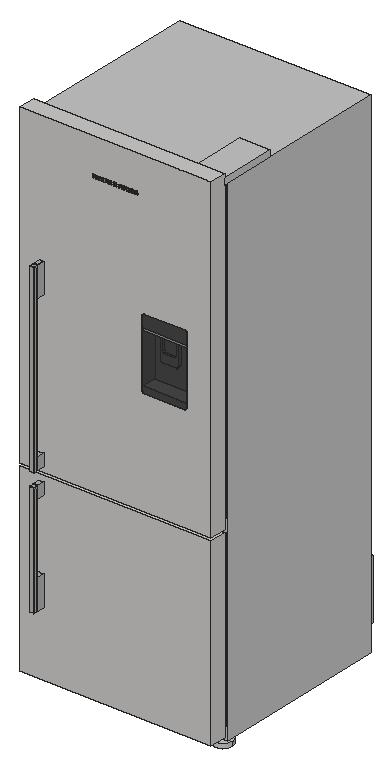
Revit family "FP-Revit18-E402BRXFDU4-Fridges", category Specialty Equipment, Revit 2018
Family settings
  Round Connector Dimension = Use Diameter
  Part Type = Normal
  OmniClass Number = 23.40.40.11.11.17
  OmniClass Title = Refrigerator-Freezer
  Work Plane-Based = No
  Always vertical = Yes
  Cut with Voids When Loaded = Yes
  Shared = No
  Room Calculation Point = No
Parameters (values of type "E402BRXFDU4")
  Visibility - Clearance Required = yes
  URL = "www.fisherpaykel.com"
  Product - Width = 635 mm  # constant formula
  Product - Height = 1720 mm  # constant formula
  Product - Depth = 736 mm  # constant formula
  Model = "E402BRXFDU4"
  Material - Logo = Fisher & Paykel - Steel, Chrome Plated
  Material - Handle = Fisher & Paykel - Aluminium
  Material - Door Structure = Fisher & Paykel - White
  Material - Door Front = Fisher & Paykel - Stainless Steel
  Material - Body = Fisher & Paykel - Grey
  Manufacturer = "Fisher & Paykel Appliances"
  Description = "63.5cm Freestanding Refrigerator with Bottom Freezer, Ice & Water"
  Connector Description - Water = "Ø6mm (1/4”) quick connect, Max Supply Pressure 120psi (827kPa)"
  Connector Description - Electrical = "230 V, 50Hz"
  Chassis - Width = 635 mm  # constant formula
  Chassis - Height = 1664 mm  # constant formula
  Chassis - Depth = 625 mm  # constant formula
  Cavity - Width = 675 mm  # constant formula
  Cavity - Height = 1735 mm  # constant formula
  Cavity - Depth = 625 mm  # constant formula
Reference planes
  plane 1 "Center (Front/Back)": y = 0
  plane 2: z = 0
  plane 3 "Center (Left/Right)": x = 0
  plane 4 "Product LHS": x = -317.5
  plane 5 "Product RHS": x = 317.5
  plane 6 "Product - Depth": y = 625
  plane 7 "Cavity LHS": x = -337.5
  plane 8 "Cavity RHS": x = 337.5
  plane 9 "Cavity - Depth": y = 625
  plane 10 "Cavity Height": z = 1735
  plane 11 "Door Panel Front": y = -70
  plane 12 "Product - Height": z = 1720
Forms (mm)
  Extrusion 1, solid, material "Fisher & Paykel - Grey" <- "Material - Body"
    sketch origin (0, 0, 0) x (0, 1, 0) y (0, 0, 1)
      loop
        line (0, 24) -> (595, 24) -> (595, 1686) -> (0, 1686) -> (0, 24)
    from -317.5 to 317.5
  Extrusion 2, solid, material "Fisher & Paykel - Grey" <- "Material - Body"
    sketch origin (0, 0, 0) x (1, 0, 0) y (0, 1, 0)
      loop
        circle (-287.5, 18.6) r 4.9
      loop
        circle (287.5, 18.6) r 4.9
    from 14 to 24
  Extrusion 3, solid, material "Fisher & Paykel - Grey" <- "Material - Body"
    sketch origin (0, 0, 0) x (1, 0, 0) y (0, 1, 0)
      loop
        circle (-287.5, 18.6) r 30
      loop
        circle (287.5, 18.6) r 30
    from 0 to 14
  Extrusion 4, solid, material "Fisher & Paykel - Grey" <- "Material - Body"
    sketch origin (0, 0, 0) x (1, 0, 0) y (0, 0, 1)
      loop
        circle (277.542, 69) r 5
      loop
        circle (227.542, 69) r 5
    from -615 to -595
  Extrusion 5, solid, material "Fisher & Paykel - White" <- "Material - Door Structure"
    sketch origin (0, 0, 0) x (1, 0, 0) y (0, 1, 0)
      loop
        line (-309.5, 0) -> (-309.5, -15) -> (309.5, -15) -> (309.5, 0) -> (-309.5, 0)
    from 682 to 1680
  Extrusion 6, solid, material "Fisher & Paykel - Stainless Steel" <- "Material - Door Front"
    sketch origin (0, 0, 0) x (1, 0, 0) y (0, 1, 0)
      loop
        line (-317.5, -15) -> (-317.5, -70) -> (317.5, -70) -> (317.5, -15) -> (-317.5, -15)
    from 660 to 1720
  Extrusion 7, solid, material "Fisher & Paykel - Clearance Required", visible <- "Visibility - Clearance Required", detail levels coarse
    sketch origin (0, 0, 0) x (1, 0, 0) y (0, 1, 0)
      loop
        line (-337.5, 625) -> (-337.5, -70) -> (472.5, -70) -> (472.5, 0) -> (337.5, 0) -> (337.5, 625) -> (-337.5, 625)
    from 0 to 1735
  Extrusion 8, void
    sketch origin (0, 0, 0) x (1, 0, 0) y (0, 1, 0)
      loop
        line (-337.5, 625) -> (-337.5, -70) -> (472.5, -70) -> (472.5, 0) -> (337.5, 0) -> (337.5, 625) -> (-337.5, 625)
    from 0 to 1735
  Extrusion 9, solid, material "Fisher & Paykel - Stainless Steel" <- "Material - Door Front"
    sketch origin (0, 0, 0) x (1, 0, 0) y (0, 1, 0)
      loop
        line (-317.5, -15) -> (-317.5, -70) -> (317.5, -70) -> (317.5, -15) -> (-317.5, -15)
    from 40 to 650
  Extrusion 10, solid, material "Fisher & Paykel - White" <- "Material - Door Structure"
    sketch origin (0, 0, 0) x (1, 0, 0) y (0, 1, 0)
      loop
        line (-309.5, 0) -> (-309.5, -15) -> (309.5, -15) -> (309.5, 0) -> (-309.5, 0)
    from 62 to 642
  Extrusion 11, solid, material "Fisher & Paykel - Grey" <- "Material - Body"
    sketch origin (229.237, 0, 0) x (0, 1, 0) y (0, 0, 1)
      loop
        line (595, 324) -> (595, 94) -> (625, 94) -> (625, 294) -> (595, 324)
    from -526.7 to 68.3
  Extrusion 12, solid, material "Fisher & Paykel - Grey" <- "Material - Body"
    sketch origin (0, 0, 0) x (0, 1, 0) y (0, 0, 1)
      loop
        line (595, 94) -> (595, 24) -> (625, 24) -> (625, 94) -> (595, 94)
    from -297.463 to 202
  Extrusion 13, solid, material "Fisher & Paykel - Grey" <- "Material - Body"
    sketch origin (0, 0, 0) x (1, 0, 0) y (0, 1, 0)
      loop
        line (218.9, 174) -> (218.9, -15) -> (317.5, -15) -> (317.5, 174) -> (218.9, 174)
    from 1686 to 1708
  Extrusion 14, solid, material "Fisher & Paykel - Clearance Required", visible <- "Visibility - Clearance Required", detail levels coarse
    sketch origin (0, 0, 0) x (1, 0, 0) y (0, 1, 0)
      loop
        line (391.972, -70) -> (-317.5, -70)
        arc (-317.5, -70) -> (95.726, -626.083) -> (767.016, -454.756) r 621.877
        line (767.016, -454.756) -> (722.92, -409.518) -> (752.391, -380.791) -> (742.27, -369.199) -> (712.194, -398.515) -> (391.972, -70)
    from 0 to 1720
  Extrusion 15, void
    sketch origin (-955, 0, 0) x (1, 0, 0) y (0, 0, 1)
      loop
        line (1185, 1247) -> (1050.5, 1247)
        arc (1050.5, 1247) -> (1044.843, 1244.657) -> (1042.5, 1239) r 8
        line (1042.5, 1239) -> (1042.5, 1019.4)
        arc (1042.5, 1019.4) -> (1044.843, 1013.743) -> (1050.5, 1011.4) r 8
        line (1050.5, 1011.4) -> (1185, 1011.4)
        arc (1185, 1011.4) -> (1190.657, 1013.743) -> (1193, 1019.4) r 8
        line (1193, 1019.4) -> (1193, 1239)
        arc (1193, 1239) -> (1190.657, 1244.657) -> (1185, 1247) r 8
    from 15 to 70
  Extrusion 16, solid, material "Fisher & Paykel - Grey" <- "Material - Body", detail levels fine
    sketch origin (0, 0, -4) x (0, 1, 0) y (0, 0, 1)
      loop
        arc (62.091, 28) -> (87.5, 4) -> (112.909, 28) r 25.45
        line (112.909, 28) -> (62.091, 28)
      loop
        arc (503.639, 28) -> (529.047, 4) -> (554.456, 28) r 25.45
        line (554.456, 28) -> (503.639, 28)
    from 267 to 284
  Extrusion 17, solid, material "Fisher & Paykel - Steel, Chrome Plated" <- "Material - Logo", detail levels fine
    sketch origin (-0.005, -70, 1596) x (1, 0, 0) y (0, 0, 1)
      loop
        line (-74.994, 0) -> (-72.633, 0) -> (-72.633, 3.207) -> (-68.944, 3.207) -> (-68.944, 5.208) -> (-72.633, 5.208) -> (-72.633, 7.068) -> (-68.62, 7.068) -> (-68.62, 9.06) -> (-74.994, 9.06) -> (-74.994, 0)
      loop
        line (-64.134, 9.06) -> (-64.134, 0) -> (-61.773, 0) -> (-61.773, 9.06) -> (-64.134, 9.06)
      loop
        line (-46.015, 9.06) -> (-46.015, 0) -> (-43.654, 0) -> (-43.654, 3.63) -> (-40.187, 3.63) -> (-40.187, 0) -> (-37.826, 0) -> (-37.826, 9.06) -> (-40.187, 9.06) -> (-40.187, 5.622) -> (-43.654, 5.622) -> (-43.654, 9.06) -> (-46.015, 9.06)
      loop
        line (-32.787, 9.06) -> (-32.787, 0) -> (-26.332, 0) -> (-26.332, 1.992) -> (-30.448, 1.992) -> (-30.448, 3.63) -> (-26.686, 3.63) -> (-26.686, 5.622) -> (-30.448, 5.622) -> (-30.448, 7.068) -> (-26.332, 7.068) -> (-26.332, 9.06) -> (-32.787, 9.06)
      loop
        line (68.572, 9.06) -> (68.572, 0) -> (75.006, 0) -> (75.006, 1.992) -> (70.933, 1.992) -> (70.933, 9.06) -> (68.572, 9.06)
      loop
        line (63.719, 9.06) -> (57.241, 9.06) -> (57.241, 0) -> (63.719, 0) -> (63.719, 1.992) -> (59.602, 1.992) -> (59.602, 3.63) -> (63.364, 3.63) -> (63.364, 5.622) -> (59.602, 5.622) -> (59.602, 7.068) -> (63.719, 7.068) -> (63.719, 9.06)
      loop
        line (50.248, 4.722) -> (53.597, 9.06) -> (50.837, 9.06) -> (47.945, 5.313) -> (47.945, 9.06) -> (45.585, 9.06) -> (45.585, 0) -> (47.945, 0) -> (47.945, 4.058) -> (50.926, 0) -> (53.716, 0) -> (50.248, 4.722)
      loop
        line (33.043, 9.06) -> (36.466, 3.63) -> (36.466, 0) -> (38.827, 0) -> (38.827, 3.511) -> (42.25, 9.06) -> (39.742, 9.06) -> (37.721, 5.561) -> (35.701, 9.06) -> (33.043, 9.06)
      loop
        line (27.79, 9.06) -> (25.547, 9.06) -> (21.858, 0) -> (24.175, 0) -> (24.824, 1.668) -> (28.454, 1.668) -> (29.103, 0) -> (31.479, 0) -> (27.79, 9.06)
      loop
        line (27.671, 3.659) -> (26.612, 6.261) -> (25.599, 3.659) -> (27.671, 3.659)
      loop
        line (12.119, 9.06) -> (12.119, 0) -> (14.48, 0) -> (14.48, 2.907) -> (15.971, 2.907)
        arc (15.971, 2.907) -> (19.048, 5.983) -> (15.971, 9.06) r 3.077
        line (15.971, 9.06) -> (12.119, 9.06)
      loop
        line (14.48, 7.068) -> (14.48, 4.796) -> (15.824, 4.796)
        arc (15.824, 4.796) -> (16.96, 5.932) -> (15.824, 7.068) r 1.136
        line (15.824, 7.068) -> (14.48, 7.068)
      loop
        line (-17.602, 9.06) -> (-21.477, 9.06) -> (-21.477, 0) -> (-19.116, 0) -> (-19.116, 2.522) -> (-18.311, 2.522) -> (-16.387, 0) -> (-13.657, 0) -> (-15.969, 2.959)
        arc (-15.969, 2.959) -> (-14.445, 6.636) -> (-17.602, 9.06) r 3.269
      loop
        line (-17.774, 7.068) -> (-19.116, 7.068) -> (-19.116, 4.579) -> (-17.774, 4.579)
        arc (-17.774, 4.579) -> (-16.529, 5.823) -> (-17.774, 7.068) r 1.244
      loop
        line (0.788, 7.068) -> (0.788, 9.229) -> (-5.291, 9.229) -> (-5.291, 7.276) -> (-4.389, 6.167)
        arc (-4.389, 6.167) -> (-5.193, 1.025) -> (0.005, 0.768) r 3.5
        line (0.005, 0.768) -> (0.63, 0) -> (3.308, 0) -> (1.362, 2.391) -> (3.12, 4.924) -> (0.694, 4.924) -> (0.053, 4) -> (-2.443, 7.068) -> (0.788, 7.068)
      loop
        arc (-3.116, 4.603) -> (-3.331, 2.502) -> (-1.23, 2.286) r 1.493
        line (-1.23, 2.286) -> (-3.116, 4.603)
      loop
        line (-52.698, 5.451) -> (-54.701, 5.866)
        arc (-54.701, 5.866) -> (-55.501, 6.665) -> (-54.701, 7.465) r 0.799
        arc (-54.701, 7.465) -> (-52.78, 7.185) -> (-51.017, 6.371) r 6.757
        line (-51.017, 6.371) -> (-51.017, 8.615)
        arc (-51.017, 8.615) -> (-53.252, 9.269) -> (-55.578, 9.164) r 7.089
        arc (-55.578, 9.164) -> (-57.732, 6.502) -> (-55.578, 3.841) r 2.721
        line (-55.578, 3.841) -> (-53.559, 3.423)
        arc (-53.559, 3.423) -> (-52.76, 2.623) -> (-53.559, 1.824) r 0.799
        arc (-53.559, 1.824) -> (-55.481, 2.103) -> (-57.244, 2.917) r 6.757
        line (-57.244, 2.917) -> (-57.244, 0.674)
        arc (-57.244, 0.674) -> (-55.009, 0.02) -> (-52.682, 0.125) r 7.089
        arc (-52.682, 0.125) -> (-50.529, 2.795) -> (-52.698, 5.451) r 2.721
    from 0 to 0.8
  Extrusion 18, solid, material "Fisher & Paykel - Grey" <- "Material - Body", detail levels fine
    sketch origin (0, 0, -4) x (0, 1, 0) y (0, 0, -1)
      loop
        line (62.091, -28) -> (112.909, -28)
        arc (112.909, -28) -> (87.5, -4) -> (62.091, -28) r 25.45
      loop
        line (503.639, -28) -> (554.456, -28)
        arc (554.456, -28) -> (529.047, -4) -> (503.639, -28) r 25.45
    from 267 to 284
  Extrusion 19, solid, material "Fisher & Paykel - Aluminium" <- "Material - Handle", detail levels fine
    sketch origin (-246.5, -70, 0) x (1, 0, 0) y (0, 1, 0)
      loop
        arc (-7.7, -27.749) -> (0.04, -25.059) -> (7.7, -27.971) r 11.986
        line (7.7, -27.971) -> (7.7, 0) -> (-7.7, 0) -> (-7.7, -27.749)
    from 257 to 357
  Extrusion 20, solid, material "Fisher & Paykel - Aluminium" <- "Material - Handle", detail levels fine
    sketch origin (-246.5, -70, 0) x (1, 0, 0) y (0, 1, 0)
      loop
        arc (-7.7, -27.749) -> (0.04, -25.059) -> (7.7, -27.971) r 11.986
        line (7.7, -27.971) -> (7.7, 0) -> (-7.7, 0) -> (-7.7, -27.749)
    from 591 to 631
  Extrusion 21, solid, material "Fisher & Paykel - Aluminium" <- "Material - Handle", detail levels fine
    sketch origin (-246.5, -70, 0) x (1, 0, 0) y (0, 1, 0)
      loop
        arc (-7.7, -27.749) -> (0.04, -25.059) -> (7.7, -27.971) r 11.986
        line (7.7, -27.971) -> (7.7, 0) -> (-7.7, 0) -> (-7.7, -27.749)
    from 676 to 716
  Extrusion 22, solid, material "Fisher & Paykel - Aluminium" <- "Material - Handle", detail levels fine
    sketch origin (-246.5, -70, 0) x (1, 0, 0) y (0, 1, 0)
      loop
        arc (-7.7, -27.749) -> (0.04, -25.059) -> (7.7, -27.971) r 11.986
        line (7.7, -27.971) -> (7.7, 0) -> (-7.7, 0) -> (-7.7, -27.749)
    from 1188 to 1288
  Extrusion 23, solid, material "Fisher & Paykel - Aluminium" <- "Material - Handle", detail levels fine
    sketch origin (-246.5, -70, 0) x (1, 0, 0) y (0, 1, 0)
      loop
        arc (-8, -39.496) -> (-7.559, -40.559) -> (-6.496, -41) r 1.504
        line (-6.496, -41) -> (6.5, -41)
        arc (6.5, -41) -> (7.561, -40.561) -> (8, -39.5) r 1.5
        line (8, -39.5) -> (8, -28.788)
        arc (8, -28.788) -> (7.908, -28.369) -> (7.649, -28.028) r 1
        arc (7.649, -28.028) -> (0.055, -25.159) -> (-7.625, -27.788) r 11.986
        arc (-7.625, -27.788) -> (-7.901, -28.136) -> (-8, -28.569) r 1
        line (-8, -28.569) -> (-8, -39.496)
    from 676 to 1288
  Extrusion 24, solid, material "Fisher & Paykel - Aluminium" <- "Material - Handle", detail levels fine
    sketch origin (-246.5, -70, 0) x (1, 0, 0) y (0, 1, 0)
      loop
        arc (-8, -39.496) -> (-7.559, -40.559) -> (-6.496, -41) r 1.504
        line (-6.496, -41) -> (6.5, -41)
        arc (6.5, -41) -> (7.561, -40.561) -> (8, -39.5) r 1.5
        line (8, -39.5) -> (8, -28.788)
        arc (8, -28.788) -> (7.908, -28.369) -> (7.649, -28.028) r 1
        arc (7.649, -28.028) -> (0.055, -25.159) -> (-7.625, -27.788) r 11.986
        arc (-7.625, -27.788) -> (-7.901, -28.136) -> (-8, -28.569) r 1
        line (-8, -28.569) -> (-8, -39.496)
    from 257 to 631
  Extrusion 25, solid, material "Fisher & Paykel - Aluminium" <- "Material - Handle", detail levels coarse+medium
    sketch origin (-246.5, -70, 0) x (0, 1, 0) y (0, 0, 1)
      loop
        line (0, 1288) -> (-41, 1288) -> (-41, 676) -> (0, 676) -> (0, 716) -> (-25.058, 716) -> (-25.058, 1188) -> (0, 1188) -> (0, 1288)
      loop
        line (0, 631) -> (-41, 631) -> (-41, 257) -> (0, 257) -> (0, 357) -> (-25, 357) -> (-25, 591) -> (0, 591) -> (0, 631)
    from -8 to 8
  Sweep 26, void
    path in 3D
      loop
        line (-254.5, -98.569, 1288) -> (-254.5, -109.496, 1288)
        arc (-254.5, -109.496, 1288) -> (-254.059, -110.559, 1288) -> (-252.996, -111, 1288) r 1.504
        line (-252.996, -111, 1288) -> (-240, -111, 1288)
        arc (-240, -111, 1288) -> (-238.939, -110.561, 1288) -> (-238.5, -109.5, 1288) r 1.5
        line (-238.5, -109.5, 1288) -> (-238.5, -98.788, 1288)
    profile origin (-238.5, -104.144, 1288) x (-1, 0, 0) y (0, 0, 1)
      loop
        line (0, 0) -> (0, -1.2) -> (1.2, 0) -> (0, 0)
  Extrusion 27, void
    sketch origin (-246.5, -70, -3) x (1, 0, 0) y (0, 0, 1)
      loop
        line (6.8, 1291) -> (8, 1289.8) -> (8, 1291) -> (6.8, 1291)
      loop
        line (-6.8, 1291) -> (-8, 1291) -> (-8, 1289.8) -> (-6.8, 1291)
    from 0 to 41
  Sweep 28, void
    path in 3D
      loop
        line (-254.5, -98.569, 631) -> (-254.5, -109.496, 631)
        arc (-254.5, -109.496, 631) -> (-254.059, -110.559, 631) -> (-252.996, -111, 631) r 1.504
        line (-252.996, -111, 631) -> (-240, -111, 631)
        arc (-240, -111, 631) -> (-238.939, -110.561, 631) -> (-238.5, -109.5, 631) r 1.5
        line (-238.5, -109.5, 631) -> (-238.5, -98.788, 631)
    profile origin (-238.5, -104.144, 631) x (-1, 0, 0) y (0, 0, 1)
      loop
        line (0, 0) -> (0, -1.2) -> (1.2, 0) -> (0, 0)
  Extrusion 29, void
    sketch origin (-246.5, -70, -3) x (1, 0, 0) y (0, 0, 1)
      loop
        line (6.8, 634) -> (8, 632.8) -> (8, 634) -> (6.8, 634)
      loop
        line (-6.8, 634) -> (-8, 634) -> (-8, 632.8) -> (-6.8, 634)
    from 0 to 41
  Extrusion 30, solid, material "Fisher & Paykel - Aluminium" <- "Material - Handle", not visible, detail levels fine
    sketch origin (1231.336, 179.177, 0) x (1, 0, 0) y (0, 1, 0)
      loop
        arc (-7.7, -27.749) -> (0.04, -25.059) -> (7.7, -27.971) r 11.986
        line (7.7, -27.971) -> (7.7, 0) -> (-7.7, 0) -> (-7.7, -27.749)
    from 257 to 357
  Extrusion 31, solid, material "Fisher & Paykel - Aluminium" <- "Material - Handle", not visible, detail levels fine
    sketch origin (1231.336, 179.177, 0) x (1, 0, 0) y (0, 1, 0)
      loop
        arc (-7.7, -27.749) -> (0.04, -25.059) -> (7.7, -27.971) r 11.986
        line (7.7, -27.971) -> (7.7, 0) -> (-7.7, 0) -> (-7.7, -27.749)
    from 591 to 631
  Extrusion 32, solid, material "Fisher & Paykel - Aluminium" <- "Material - Handle", not visible, detail levels fine
    sketch origin (1231.336, 179.177, 0) x (1, 0, 0) y (0, 1, 0)
      loop
        arc (-7.7, -27.749) -> (0.04, -25.059) -> (7.7, -27.971) r 11.986
        line (7.7, -27.971) -> (7.7, 0) -> (-7.7, 0) -> (-7.7, -27.749)
    from 676 to 716
  Extrusion 33, solid, material "Fisher & Paykel - Aluminium" <- "Material - Handle", not visible, detail levels fine
    sketch origin (1231.336, 179.177, 0) x (1, 0, 0) y (0, 1, 0)
      loop
        arc (-7.7, -27.749) -> (0.04, -25.059) -> (7.7, -27.971) r 11.986
        line (7.7, -27.971) -> (7.7, 0) -> (-7.7, 0) -> (-7.7, -27.749)
    from 1188 to 1288
  Extrusion 34, solid, material "Fisher & Paykel - Aluminium" <- "Material - Handle", not visible, detail levels fine
    sketch origin (1231.336, 179.177, 0) x (1, 0, 0) y (0, 1, 0)
      loop
        arc (-8, -39.496) -> (-7.559, -40.559) -> (-6.496, -41) r 1.504
        line (-6.496, -41) -> (6.5, -41)
        arc (6.5, -41) -> (7.561, -40.561) -> (8, -39.5) r 1.5
        line (8, -39.5) -> (8, -28.788)
        arc (8, -28.788) -> (7.908, -28.369) -> (7.649, -28.028) r 1
        arc (7.649, -28.028) -> (0.055, -25.159) -> (-7.625, -27.788) r 11.986
        arc (-7.625, -27.788) -> (-7.901, -28.136) -> (-8, -28.569) r 1
        line (-8, -28.569) -> (-8, -39.496)
    from 676 to 1288
  Extrusion 35, solid, material "Fisher & Paykel - Aluminium" <- "Material - Handle", not visible, detail levels fine
    sketch origin (1231.336, 179.177, 0) x (1, 0, 0) y (0, 1, 0)
      loop
        arc (-8, -39.496) -> (-7.559, -40.559) -> (-6.496, -41) r 1.504
        line (-6.496, -41) -> (6.5, -41)
        arc (6.5, -41) -> (7.561, -40.561) -> (8, -39.5) r 1.5
        line (8, -39.5) -> (8, -28.788)
        arc (8, -28.788) -> (7.908, -28.369) -> (7.649, -28.028) r 1
        arc (7.649, -28.028) -> (0.055, -25.159) -> (-7.625, -27.788) r 11.986
        arc (-7.625, -27.788) -> (-7.901, -28.136) -> (-8, -28.569) r 1
        line (-8, -28.569) -> (-8, -39.496)
    from 257 to 631
  Extrusion 36, solid, material "Fisher & Paykel - Aluminium" <- "Material - Handle", not visible, detail levels coarse+medium
    sketch origin (1231.336, 179.177, 0) x (0, 1, 0) y (0, 0, 1)
      loop
        line (0, 1288) -> (-41, 1288) -> (-41, 676) -> (0, 676) -> (0, 716) -> (-25.058, 716) -> (-25.058, 1188) -> (0, 1188) -> (0, 1288)
      loop
        line (0, 631) -> (-41, 631) -> (-41, 257) -> (0, 257) -> (0, 357) -> (-25, 357) -> (-25, 591) -> (0, 591) -> (0, 631)
    from -8 to 8
  Sweep 37, void, not visible
    path in 3D
      loop
        line (1223.336, 150.608, 1288) -> (1223.336, 139.681, 1288)
        arc (1223.336, 139.681, 1288) -> (1223.777, 138.617, 1288) -> (1224.84, 138.177, 1288) r 1.504
        line (1224.84, 138.177, 1288) -> (1237.836, 138.177, 1288)
        arc (1237.836, 138.177, 1288) -> (1238.897, 138.616, 1288) -> (1239.336, 139.677, 1288) r 1.5
        line (1239.336, 139.677, 1288) -> (1239.336, 150.389, 1288)
    profile origin (1239.336, 145.033, 1288) x (-1, 0, 0) y (0, 0, 1)
      loop
        line (0, 0) -> (0, -1.2) -> (1.2, 0) -> (0, 0)
  Extrusion 38, void, not visible
    sketch origin (1231.336, 179.177, -3) x (1, 0, 0) y (0, 0, 1)
      loop
        line (6.8, 1291) -> (8, 1289.8) -> (8, 1291) -> (6.8, 1291)
      loop
        line (-6.8, 1291) -> (-8, 1291) -> (-8, 1289.8) -> (-6.8, 1291)
    from 0 to 41
  Sweep 39, void, not visible
    path in 3D
      loop
        line (1223.336, 150.608, 631) -> (1223.336, 139.681, 631)
        arc (1223.336, 139.681, 631) -> (1223.777, 138.617, 631) -> (1224.84, 138.177, 631) r 1.504
        line (1224.84, 138.177, 631) -> (1237.836, 138.177, 631)
        arc (1237.836, 138.177, 631) -> (1238.897, 138.616, 631) -> (1239.336, 139.677, 631) r 1.5
        line (1239.336, 139.677, 631) -> (1239.336, 150.389, 631)
    profile origin (1239.336, 145.033, 631) x (-1, 0, 0) y (0, 0, 1)
      loop
        line (0, 0) -> (0, -1.2) -> (1.2, 0) -> (0, 0)
  Extrusion 40, void, not visible
    sketch origin (1231.336, 179.177, -3) x (1, 0, 0) y (0, 0, 1)
      loop
        line (6.8, 634) -> (8, 632.8) -> (8, 634) -> (6.8, 634)
      loop
        line (-6.8, 634) -> (-8, 634) -> (-8, 632.8) -> (-6.8, 634)
    from 0 to 41
Cuts and joins
  joined: Extrusion 11, Extrusion 12
  Extrusion 15 cuts Extrusion 6
  Sweep 26, Extrusion 27 cuts Extrusion 23
  Extrusion 27 cuts Extrusion 22
  Extrusion 29 cuts Extrusion 20
  Sweep 28, Extrusion 29 cuts Extrusion 24
Lines and regions (mm)
  sketch lines
    curve 1: line (-238.5, -109.5, 1288) -> (-238.5, -98.788, 1288)
    curve 2: arc (-238.5, -109.5, 1288) -> (-238.939, -110.561, 1288) -> (-240, -111, 1288) r 1.5
    curve 3: line (-252.996, -111, 1288) -> (-240, -111, 1288)
    curve 4: arc (-252.996, -111, 1288) -> (-254.059, -110.559, 1288) -> (-254.5, -109.496, 1288) r 1.504
    curve 5: line (-254.5, -98.569, 1288) -> (-254.5, -109.496, 1288)
    curve 6: line (-238.5, -109.5, 631) -> (-238.5, -98.788, 631)
    curve 7: arc (-238.5, -109.5, 631) -> (-238.939, -110.561, 631) -> (-240, -111, 631) r 1.5
    curve 8: arc (-252.996, -111, 631) -> (-254.059, -110.559, 631) -> (-254.5, -109.496, 631) r 1.504
    curve 9: line (-254.5, -98.569, 631) -> (-254.5, -109.496, 631)
    curve 10: line (-252.996, -111, 631) -> (-240, -111, 631)
  sketch lines, not visible
    curve 11: line (1239.336, 139.677, 1288) -> (1239.336, 150.389, 1288)
    curve 12: arc (1239.336, 139.677, 1288) -> (1238.897, 138.616, 1288) -> (1237.836, 138.177, 1288) r 1.5
    curve 13: line (1224.84, 138.177, 1288) -> (1237.836, 138.177, 1288)
    curve 14: arc (1224.84, 138.177, 1288) -> (1223.777, 138.617, 1288) -> (1223.336, 139.681, 1288) r 1.504
    curve 15: line (1223.336, 150.608, 1288) -> (1223.336, 139.681, 1288)
    curve 16: line (1239.336, 139.677, 631) -> (1239.336, 150.389, 631)
    curve 17: arc (1239.336, 139.677, 631) -> (1238.897, 138.616, 631) -> (1237.836, 138.177, 631) r 1.5
    curve 18: arc (1224.84, 138.177, 631) -> (1223.777, 138.617, 631) -> (1223.336, 139.681, 631) r 1.504
    curve 19: line (1223.336, 150.608, 631) -> (1223.336, 139.681, 631)
    curve 20: line (1224.84, 138.177, 631) -> (1237.836, 138.177, 631)
Text (mm)
  text "Due to ongoing product development, product details are subject to change without notice. \nPlease always refer to www.fisherpaykel.com for the most current product information. \n© Fisher & Paykel 2020" at (41.04, -848.295, 0), in view "Ref. Level (Plan)"
Dimensions and locks
  equal spacing: plane 4 "Product LHS", plane 3 "Center (Left/Right)", plane 5 "Product RHS"
  "Product - Width": plane 4 "Product LHS" to plane 5 "Product RHS"
  "Cavity - Depth": plane 1 "Center (Front/Back)" to plane 6 "Product - Depth"
  equal spacing: plane 7 "Cavity LHS", plane 3 "Center (Left/Right)", plane 8 "Cavity RHS"
  "Cavity - Width": plane 7 "Cavity LHS" to plane 8 "Cavity RHS"
  Extrusion 4 sketch curve to plane 5 "Product RHS" = 39.958 mm
  locked: Extrusion 3 to level at 14
  "Cavity - Height": plane 10 "Cavity Height" to level
  Extrusion 9 to Extrusion 1 = 16 mm
  Extrusion 9 to Extrusion 1 = 626 mm
  cut or joined group of Extrusion 6, Extrusion 15 to Extrusion 1 = 636 mm
  Extrusion 1 to Extrusion 1 = 1662 mm
  Extrusion 1 to Extrusion 4 = 45 mm  (x2)
  Extrusion 1 to cut or joined group of Extrusion 11, Extrusion 12 = 70 mm
  locked: Extrusion 4 sketch curve to Extrusion 1 at 40  (x2)
  "Chassis - Depth": plane 6 "Product - Depth" to plane 1 "Center (Front/Back)"
  locked: Extrusion 9 to level at 650
  locked: level to cut or joined group of Extrusion 6, Extrusion 15 at 660
  "Product - Height": level to plane 12 "Product - Height"
  Extrusion 13 to Extrusion 1 = 22 mm
  locked: cut or joined group of Extrusion 24, Sweep 28, Extrusion 29 to level at 631
  locked: cut or joined group of Extrusion 23, Sweep 26, Extrusion 27 to level at 676
  locked: cut or joined group of Extrusion 22, Extrusion 27 to level at 1288
  locked: Extrusion 15 sketch curve to Extrusion 15 sketch curve at 235.6
  locked: Extrusion 15 sketch curve to Extrusion 15 sketch curve at 150.5
  plane 3 "Center (Left/Right)" to Extrusion 25 = 238.5 mm
  Extrusion 17 to plane 2 = 1596 mm
  aligned and locked: level to plane 2
  aligned and locked: Extrusion 1 to plane 5 "Product RHS"
  aligned and locked: plane 4 "Product LHS" to Extrusion 1
  aligned and locked: Extrusion 6 sketch curve to plane 4 "Product LHS"
  aligned and locked: plane 5 "Product RHS" to Extrusion 6 sketch curve
  aligned and locked: Extrusion 1 sketch curve to plane 1 "Center (Front/Back)"
  aligned and locked: Extrusion 12 sketch curve to plane 6 "Product - Depth"
  aligned and locked: Extrusion 4 to Extrusion 1
  aligned and locked: Extrusion 12 to Extrusion 11
  aligned and locked: Extrusion 7 to plane 10 "Cavity Height"
  aligned and locked: Extrusion 8 to plane 10 "Cavity Height"
  aligned and locked: cut or joined group of Extrusion 6, Extrusion 15 to plane 5 "Product RHS"
  aligned and locked: plane 5 "Product RHS" to Extrusion 1
  aligned and locked: plane 4 "Product LHS" to cut or joined group of Extrusion 6, Extrusion 15
  aligned and locked: Extrusion 1 to plane 4 "Product LHS"
  aligned and locked: cut or joined group of Extrusion 6, Extrusion 15 to Extrusion 14
  aligned and locked: plane 12 "Product - Height" to cut or joined group of Extrusion 6, Extrusion 15
  aligned and locked: Extrusion 14 to plane 12 "Product - Height"
  aligned and locked: cut or joined group of Extrusion 11, Extrusion 12 to Extrusion 1
  aligned and locked: Extrusion 24 to Extrusion 25
  aligned and locked: Extrusion 25 to Extrusion 19
  aligned and locked: Extrusion 25 to Extrusion 24
  aligned and locked: Extrusion 20 to Extrusion 25
  aligned and locked: Extrusion 23 to Extrusion 25
  aligned and locked: Extrusion 25 to Extrusion 21
  aligned and locked: Extrusion 22 to Extrusion 25
Automatic sketch dimensions
  Extrusion 19 sketch curve to Extrusion 19 sketch curve = 7.567 mm
  Extrusion 19 sketch curve to Extrusion 19 sketch curve = 7.833 mm
  Extrusion 19 sketch curve to Extrusion 19 sketch curve = 27.749 mm
  Extrusion 19 sketch curve to Extrusion 19 sketch curve = 0.223 mm
  Extrusion 20 sketch curve to Extrusion 20 sketch curve = 7.567 mm
  Extrusion 20 sketch curve to Extrusion 20 sketch curve = 7.833 mm
  Extrusion 20 sketch curve to Extrusion 20 sketch curve = 27.749 mm
  Extrusion 20 sketch curve to Extrusion 20 sketch curve = 0.223 mm
  Extrusion 21 sketch curve to Extrusion 21 sketch curve = 7.567 mm
  Extrusion 21 sketch curve to Extrusion 21 sketch curve = 7.833 mm
  Extrusion 21 sketch curve to Extrusion 21 sketch curve = 27.749 mm
  Extrusion 21 sketch curve to Extrusion 21 sketch curve = 0.223 mm
  Extrusion 22 sketch curve to Extrusion 22 sketch curve = 7.567 mm
  Extrusion 22 sketch curve to Extrusion 22 sketch curve = 7.833 mm
  Extrusion 22 sketch curve to Extrusion 22 sketch curve = 27.749 mm
  Extrusion 22 sketch curve to Extrusion 22 sketch curve = 0.223 mm
  Extrusion 23 sketch curve to Extrusion 23 sketch curve = 1 mm  (x2)
  Extrusion 23 sketch curve to Extrusion 23 sketch curve = 1.504 mm
  Extrusion 23 sketch curve to Extrusion 23 sketch curve = 6.363 mm
  Extrusion 23 sketch curve to Extrusion 23 sketch curve = 6.633 mm
  Extrusion 23 sketch curve to Extrusion 23 sketch curve = 0.5 mm
  Extrusion 23 sketch curve to Extrusion 23 sketch curve = 2.353 mm
  Extrusion 23 sketch curve to Extrusion 23 sketch curve = 10.712 mm
  Extrusion 23 sketch curve to Extrusion 23 sketch curve = 10.927 mm
  Extrusion 23 sketch curve to Extrusion 23 sketch curve = 0 mm
  Extrusion 24 sketch curve to Extrusion 24 sketch curve = 1 mm  (x2)
  Extrusion 24 sketch curve to Extrusion 24 sketch curve = 1.504 mm
  Extrusion 24 sketch curve to Extrusion 24 sketch curve = 6.363 mm
  Extrusion 24 sketch curve to Extrusion 24 sketch curve = 6.633 mm
  Extrusion 24 sketch curve to Extrusion 24 sketch curve = 0.5 mm
  Extrusion 24 sketch curve to Extrusion 24 sketch curve = 2.353 mm
  Extrusion 24 sketch curve to Extrusion 24 sketch curve = 10.712 mm
  Extrusion 24 sketch curve to Extrusion 24 sketch curve = 10.927 mm
  Extrusion 24 sketch curve to Extrusion 24 sketch curve = 0 mm
  Extrusion 25 sketch curve to Extrusion 25 sketch curve = 15.942 mm
  Extrusion 25 sketch curve to Extrusion 25 sketch curve = 16 mm
  Extrusion 25 sketch curve to Extrusion 25 sketch curve = 41 mm  (x3)
  Extrusion 25 sketch curve to Extrusion 25 sketch curve = 25.058 mm
  Extrusion 25 sketch curve to Extrusion 25 sketch curve = 100 mm  (x2)
  Extrusion 25 sketch curve to Extrusion 25 sketch curve = 234 mm
  Extrusion 25 sketch curve to Extrusion 25 sketch curve = 40 mm  (x2)
  Extrusion 25 sketch curve to Extrusion 25 sketch curve = 45 mm
  Extrusion 25 sketch curve to Extrusion 25 sketch curve = 472 mm
  Sweep 26 sketch curve to profile plane = 0 mm  (x2)
  Sweep 26 sketch curve to profile plane = 1.2 mm  (x2)
  Extrusion 27 sketch curve to Extrusion 27 sketch curve = 1.2 mm  (x5)
  Extrusion 27 sketch curve to Extrusion 27 sketch curve = 13.6 mm
  Sweep 28 sketch curve to profile plane = 0 mm  (x2)
  Sweep 28 sketch curve to profile plane = 1.2 mm  (x2)
  Extrusion 29 sketch curve to Extrusion 29 sketch curve = 1.2 mm  (x4)
  Extrusion 29 sketch curve to Extrusion 29 sketch curve = 13.6 mm
  Extrusion 29 sketch curve to Extrusion 29 sketch curve = 0 mm
  Extrusion 25 sketch curve to Extrusion 25 sketch curve = 0 mm
  Extrusion 30 sketch curve to Extrusion 30 sketch curve = 7.567 mm
  Extrusion 30 sketch curve to Extrusion 30 sketch curve = 7.833 mm
  Extrusion 30 sketch curve to Extrusion 30 sketch curve = 27.749 mm
  Extrusion 30 sketch curve to Extrusion 30 sketch curve = 0.223 mm
  Extrusion 31 sketch curve to Extrusion 31 sketch curve = 7.567 mm
  Extrusion 31 sketch curve to Extrusion 31 sketch curve = 7.833 mm
  Extrusion 31 sketch curve to Extrusion 31 sketch curve = 27.749 mm
  Extrusion 31 sketch curve to Extrusion 31 sketch curve = 0.223 mm
  Extrusion 32 sketch curve to Extrusion 32 sketch curve = 7.567 mm
  Extrusion 32 sketch curve to Extrusion 32 sketch curve = 7.833 mm
  Extrusion 32 sketch curve to Extrusion 32 sketch curve = 27.749 mm
  Extrusion 32 sketch curve to Extrusion 32 sketch curve = 0.223 mm
  Extrusion 33 sketch curve to Extrusion 33 sketch curve = 7.567 mm
  Extrusion 33 sketch curve to Extrusion 33 sketch curve = 7.833 mm
  Extrusion 33 sketch curve to Extrusion 33 sketch curve = 27.749 mm
  Extrusion 33 sketch curve to Extrusion 33 sketch curve = 0.223 mm
  Extrusion 34 sketch curve to Extrusion 34 sketch curve = 1 mm  (x2)
  Extrusion 34 sketch curve to Extrusion 34 sketch curve = 1.504 mm
  Extrusion 34 sketch curve to Extrusion 34 sketch curve = 6.363 mm
  Extrusion 34 sketch curve to Extrusion 34 sketch curve = 6.633 mm
  Extrusion 34 sketch curve to Extrusion 34 sketch curve = 0.5 mm
  Extrusion 34 sketch curve to Extrusion 34 sketch curve = 2.353 mm
  Extrusion 34 sketch curve to Extrusion 34 sketch curve = 10.712 mm
  Extrusion 34 sketch curve to Extrusion 34 sketch curve = 10.927 mm
  Extrusion 34 sketch curve to Extrusion 34 sketch curve = 0 mm
  Extrusion 35 sketch curve to Extrusion 35 sketch curve = 1 mm  (x2)
  Extrusion 35 sketch curve to Extrusion 35 sketch curve = 1.504 mm
  Extrusion 35 sketch curve to Extrusion 35 sketch curve = 6.363 mm
  Extrusion 35 sketch curve to Extrusion 35 sketch curve = 6.633 mm
  Extrusion 35 sketch curve to Extrusion 35 sketch curve = 0.5 mm
  Extrusion 35 sketch curve to Extrusion 35 sketch curve = 2.353 mm
  Extrusion 35 sketch curve to Extrusion 35 sketch curve = 10.712 mm
  Extrusion 35 sketch curve to Extrusion 35 sketch curve = 10.927 mm
  Extrusion 35 sketch curve to Extrusion 35 sketch curve = 0 mm
  Extrusion 36 sketch curve to Extrusion 36 sketch curve = 15.942 mm
  Extrusion 36 sketch curve to Extrusion 36 sketch curve = 16 mm
  Extrusion 36 sketch curve to Extrusion 36 sketch curve = 41 mm  (x3)
  Extrusion 36 sketch curve to Extrusion 36 sketch curve = 25.058 mm
  Extrusion 36 sketch curve to Extrusion 36 sketch curve = 100 mm  (x2)
  Extrusion 36 sketch curve to Extrusion 36 sketch curve = 234 mm
  Extrusion 36 sketch curve to Extrusion 36 sketch curve = 40 mm  (x2)
  Extrusion 36 sketch curve to Extrusion 36 sketch curve = 45 mm
  Extrusion 36 sketch curve to Extrusion 36 sketch curve = 472 mm
  Sweep 37 sketch curve to profile plane = 0 mm  (x2)
  Sweep 37 sketch curve to profile plane = 1.2 mm  (x2)
  Extrusion 38 sketch curve to Extrusion 38 sketch curve = 1.2 mm  (x5)
  Extrusion 38 sketch curve to Extrusion 38 sketch curve = 13.6 mm
  Sweep 39 sketch curve to profile plane = 0 mm  (x2)
  Sweep 39 sketch curve to profile plane = 1.2 mm  (x2)
  Extrusion 40 sketch curve to Extrusion 40 sketch curve = 1.2 mm  (x4)
  Extrusion 40 sketch curve to Extrusion 40 sketch curve = 13.6 mm
  Extrusion 40 sketch curve to Extrusion 40 sketch curve = 0 mm
  Extrusion 36 sketch curve to Extrusion 36 sketch curve = 0 mm
  Extrusion 1 sketch curve to plane 6 "Product - Depth" = 30 mm
  level to Extrusion 1 sketch curve = 24 mm
  plane 12 "Product - Height" to Extrusion 1 sketch curve = 34 mm
  Extrusion 2 sketch curve to plane 4 "Product LHS" = 30 mm
  plane 5 "Product RHS" to Extrusion 2 sketch curve = 30 mm
  Extrusion 2 sketch curve to plane 1 "Center (Front/Back)" = 18.6 mm  (x2)
  Extrusion 3 sketch curve to plane 4 "Product LHS" = 30 mm
  plane 5 "Product RHS" to Extrusion 3 sketch curve = 30 mm
  Extrusion 3 sketch curve to plane 1 "Center (Front/Back)" = 18.6 mm  (x2)
  Extrusion 4 sketch curve to Extrusion 4 sketch curve = 50 mm
  level to Extrusion 4 sketch curve = 69 mm
  Extrusion 4 sketch curve to Extrusion 4 sketch curve = 0 mm
  plane 1 "Center (Front/Back)" to Extrusion 5 sketch curve = 0 mm
  Extrusion 5 sketch curve to plane 4 "Product LHS" = 8 mm
  plane 5 "Product RHS" to Extrusion 5 sketch curve = 8 mm
  plane 1 "Center (Front/Back)" to Extrusion 5 sketch curve = 15 mm
  Extrusion 6 sketch curve to plane 11 "Door Panel Front" = 0 mm
  plane 1 "Center (Front/Back)" to Extrusion 6 sketch curve = 15 mm
  Extrusion 7 sketch curve to plane 6 "Product - Depth" = 0 mm
  Extrusion 7 sketch curve to plane 7 "Cavity LHS" = 0 mm
  plane 1 "Center (Front/Back)" to Extrusion 7 sketch curve = 0 mm
  Extrusion 7 sketch curve to plane 8 "Cavity RHS" = 0 mm
  Extrusion 7 sketch curve to plane 11 "Door Panel Front" = 0 mm
  Extrusion 7 sketch curve to Extrusion 7 sketch curve = 135 mm
  Extrusion 8 sketch curve to plane 6 "Product - Depth" = 0 mm
  Extrusion 8 sketch curve to plane 7 "Cavity LHS" = 0 mm
  plane 1 "Center (Front/Back)" to Extrusion 8 sketch curve = 0 mm
  Extrusion 8 sketch curve to plane 8 "Cavity RHS" = 0 mm
  Extrusion 8 sketch curve to plane 11 "Door Panel Front" = 0 mm
  Extrusion 8 sketch curve to Extrusion 8 sketch curve = 135 mm
  Extrusion 9 sketch curve to plane 4 "Product LHS" = 0 mm
  Extrusion 9 sketch curve to plane 5 "Product RHS" = 0 mm
  Extrusion 9 sketch curve to plane 11 "Door Panel Front" = 0 mm
  plane 1 "Center (Front/Back)" to Extrusion 9 sketch curve = 15 mm
  plane 1 "Center (Front/Back)" to Extrusion 10 sketch curve = 0 mm
  Extrusion 10 sketch curve to plane 4 "Product LHS" = 8 mm
  plane 5 "Product RHS" to Extrusion 10 sketch curve = 8 mm
  plane 1 "Center (Front/Back)" to Extrusion 10 sketch curve = 15 mm
  Extrusion 11 sketch curve to plane 6 "Product - Depth" = 0 mm
  Extrusion 11 sketch curve to plane 6 "Product - Depth" = 30 mm
  level to Extrusion 11 sketch curve = 94 mm
  Extrusion 11 sketch curve to Extrusion 11 sketch curve = 200 mm
  Extrusion 11 sketch curve to Extrusion 11 sketch curve = 30 mm
  Extrusion 12 sketch curve to plane 6 "Product - Depth" = 30 mm
  level to Extrusion 12 sketch curve = 24 mm
  Extrusion 12 sketch curve to Extrusion 12 sketch curve = 70 mm
  Extrusion 13 sketch curve to plane 5 "Product RHS" = 0 mm
  Extrusion 13 sketch curve to Extrusion 13 sketch curve = 98.6 mm
  plane 1 "Center (Front/Back)" to Extrusion 13 sketch curve = 15 mm
  Extrusion 13 sketch curve to plane 1 "Center (Front/Back)" = 174 mm
  plane 3 "Center (Left/Right)" to Extrusion 15 sketch curve = 87.5 mm
  Extrusion 15 sketch curve to Extrusion 15 sketch curve = 8 mm  (x4)
  plane 12 "Product - Height" to Extrusion 15 sketch curve = 708.6 mm
  level to Extrusion 16 sketch curve = 24 mm  (x2)
  Extrusion 16 sketch curve to plane 1 "Center (Front/Back)" = 62.091 mm
  Extrusion 16 sketch curve to Extrusion 16 sketch curve = 25.409 mm  (x2)
  Extrusion 16 sketch curve to plane 6 "Product - Depth" = 121.361 mm
  Extrusion 16 sketch curve to Extrusion 16 sketch curve = 1.45 mm  (x2)
  Extrusion 17 sketch curve to plane 3 "Center (Left/Right)" = 0 mm
  Extrusion 17 sketch curve to plane 3 "Center (Left/Right)" = 1.235 mm
  Extrusion 17 sketch curve to Extrusion 17 sketch curve = 0.943 mm  (x2)
  Extrusion 17 sketch curve to plane 3 "Center (Left/Right)" = 2.448 mm
  Extrusion 17 sketch curve to Extrusion 17 sketch curve = 0.305 mm
  Extrusion 17 sketch curve to Extrusion 17 sketch curve = 1.273 mm
  Extrusion 17 sketch curve to Extrusion 17 sketch curve = 0.902 mm
  Extrusion 17 sketch curve to Extrusion 17 sketch curve = 8.366 mm
  Extrusion 17 sketch curve to Extrusion 17 sketch curve = 2.312 mm
  Extrusion 17 sketch curve to Extrusion 17 sketch curve = 2.73 mm
  Extrusion 17 sketch curve to Extrusion 17 sketch curve = 1.633 mm
  Extrusion 17 sketch curve to Extrusion 17 sketch curve = 0.172 mm
  Extrusion 17 sketch curve to Extrusion 17 sketch curve = 0.538 mm
  Extrusion 17 sketch curve to Extrusion 17 sketch curve = 1.343 mm
  Extrusion 17 sketch curve to Extrusion 17 sketch curve = 0.805 mm
  Extrusion 17 sketch curve to Extrusion 17 sketch curve = 2.361 mm  (x13)
  Extrusion 17 sketch curve to Extrusion 17 sketch curve = 4.854 mm  (x2)
  Extrusion 17 sketch curve to Extrusion 17 sketch curve = 0.354 mm  (x3)
  Extrusion 17 sketch curve to Extrusion 17 sketch curve = 3.763 mm  (x2)
  Extrusion 17 sketch curve to Extrusion 17 sketch curve = 0 mm  (x19)
  Extrusion 17 sketch curve to Extrusion 17 sketch curve = 2.339 mm
  Extrusion 17 sketch curve to Extrusion 17 sketch curve = 5.039 mm
  Extrusion 17 sketch curve to Extrusion 17 sketch curve = 3.468 mm
  Extrusion 17 sketch curve to Extrusion 17 sketch curve = 5.002 mm
  Extrusion 17 sketch curve to Extrusion 17 sketch curve = 1.682 mm
  Extrusion 17 sketch curve to Extrusion 17 sketch curve = 0.552 mm
  Extrusion 17 sketch curve to Extrusion 17 sketch curve = 0.309 mm  (x3)
  Extrusion 17 sketch curve to Extrusion 17 sketch curve = 0.54 mm  (x2)
  Extrusion 17 sketch curve to Extrusion 17 sketch curve = 0.602 mm
  Extrusion 17 sketch curve to Extrusion 17 sketch curve = 2.02 mm
  Extrusion 17 sketch curve to Extrusion 17 sketch curve = 1.665 mm
  Extrusion 17 sketch curve to Extrusion 17 sketch curve = 4.53 mm
  Extrusion 17 sketch curve to Extrusion 17 sketch curve = 4.486 mm
  Extrusion 17 sketch curve to Extrusion 17 sketch curve = 0.324 mm
  Extrusion 17 sketch curve to Extrusion 17 sketch curve = 3.689 mm
  plane 3 "Center (Left/Right)" to Extrusion 17 sketch curve = 0.048 mm
  plane 3 "Center (Left/Right)" to Extrusion 17 sketch curve = 0.625 mm
  plane 3 "Center (Left/Right)" to Extrusion 17 sketch curve = 0.689 mm
  plane 3 "Center (Left/Right)" to Extrusion 17 sketch curve = 0.783 mm
  plane 3 "Center (Left/Right)" to Extrusion 17 sketch curve = 1.357 mm
  Extrusion 17 sketch curve to Extrusion 17 sketch curve = 2.426 mm
  Extrusion 17 sketch curve to Extrusion 17 sketch curve = 2.678 mm
  Extrusion 17 sketch curve to Extrusion 17 sketch curve = 8.999 mm
  Extrusion 17 sketch curve to Extrusion 17 sketch curve = 1.344 mm
  Extrusion 17 sketch curve to Extrusion 17 sketch curve = 0.147 mm
  Extrusion 17 sketch curve to Extrusion 17 sketch curve = 5.887 mm
  Extrusion 17 sketch curve to Extrusion 17 sketch curve = 2.317 mm
  Extrusion 17 sketch curve to Extrusion 17 sketch curve = 0.649 mm  (x2)
  Extrusion 17 sketch curve to Extrusion 17 sketch curve = 0.723 mm
  Extrusion 17 sketch curve to Extrusion 17 sketch curve = 0.775 mm
  Extrusion 17 sketch curve to Extrusion 17 sketch curve = 1.013 mm
  Extrusion 17 sketch curve to Extrusion 17 sketch curve = 2.072 mm
  Extrusion 17 sketch curve to Extrusion 17 sketch curve = 2.243 mm  (x3)
  Extrusion 17 sketch curve to Extrusion 17 sketch curve = 0.782 mm
  Extrusion 17 sketch curve to Extrusion 17 sketch curve = 2.376 mm
  Extrusion 17 sketch curve to Extrusion 17 sketch curve = 5.252 mm
  Extrusion 17 sketch curve to Extrusion 17 sketch curve = 2.658 mm
  Extrusion 17 sketch curve to Extrusion 17 sketch curve = 0.765 mm
  Extrusion 17 sketch curve to Extrusion 17 sketch curve = 1.255 mm  (x2)
  Extrusion 17 sketch curve to Extrusion 17 sketch curve = 4.041 mm
  Extrusion 17 sketch curve to Extrusion 17 sketch curve = 2.509 mm
  Extrusion 17 sketch curve to Extrusion 17 sketch curve = 3.334 mm
  Extrusion 17 sketch curve to Extrusion 17 sketch curve = 2.303 mm
  Extrusion 17 sketch curve to Extrusion 17 sketch curve = 2.892 mm
  Extrusion 17 sketch curve to Extrusion 17 sketch curve = 2.981 mm
  Extrusion 17 sketch curve to Extrusion 17 sketch curve = 2.759 mm
  Extrusion 17 sketch curve to Extrusion 17 sketch curve = 2.79 mm
  Extrusion 17 sketch curve to Extrusion 17 sketch curve = 3.644 mm
  Extrusion 17 sketch curve to Extrusion 17 sketch curve = 4.853 mm
  Extrusion 17 sketch curve to Extrusion 17 sketch curve = 4.073 mm
  plane 12 "Product - Height" to Extrusion 17 sketch curve = 124 mm  (x2)
  Extrusion 17 sketch curve to Extrusion 17 sketch curve = 0.674 mm
  Extrusion 17 sketch curve to Extrusion 17 sketch curve = 0.034 mm
  Extrusion 17 sketch curve to Extrusion 17 sketch curve = 0.768 mm
  Extrusion 17 sketch curve to Extrusion 17 sketch curve = 1.668 mm
  Extrusion 17 sketch curve to Extrusion 17 sketch curve = 1.992 mm  (x10)
  Extrusion 17 sketch curve to Extrusion 17 sketch curve = 1.523 mm
  Extrusion 17 sketch curve to Extrusion 17 sketch curve = 1.518 mm
  Extrusion 17 sketch curve to Extrusion 17 sketch curve = 1.624 mm
  Extrusion 17 sketch curve to Extrusion 17 sketch curve = 2.522 mm
  Extrusion 17 sketch curve to Extrusion 17 sketch curve = 0.393 mm  (x2)
  Extrusion 17 sketch curve to Extrusion 17 sketch curve = 0.163 mm  (x2)
  Extrusion 17 sketch curve to Extrusion 17 sketch curve = 2.907 mm
  Extrusion 17 sketch curve to Extrusion 17 sketch curve = 0.437 mm
  Extrusion 17 sketch curve to Extrusion 17 sketch curve = 3.207 mm
  Extrusion 17 sketch curve to Extrusion 17 sketch curve = 0.949 mm
  Extrusion 17 sketch curve to Extrusion 17 sketch curve = 0.637 mm  (x2)
  Extrusion 17 sketch curve to Extrusion 17 sketch curve = 0.21 mm
  Extrusion 17 sketch curve to Extrusion 17 sketch curve = 3.511 mm
  Extrusion 17 sketch curve to Extrusion 17 sketch curve = 3.63 mm
  Extrusion 17 sketch curve to Extrusion 17 sketch curve = 1.638 mm  (x2)
  Extrusion 17 sketch curve to Extrusion 17 sketch curve = 0.118 mm
  Extrusion 17 sketch curve to Extrusion 17 sketch curve = 0.924 mm  (x2)
  Extrusion 17 sketch curve to Extrusion 17 sketch curve = 1.609 mm
  Extrusion 17 sketch curve to Extrusion 17 sketch curve = 4.058 mm
  Extrusion 17 sketch curve to Extrusion 17 sketch curve = 2.057 mm
  Extrusion 17 sketch curve to Extrusion 17 sketch curve = 0.664 mm
  Extrusion 17 sketch curve to Extrusion 17 sketch curve = 1.889 mm
  Extrusion 17 sketch curve to Extrusion 17 sketch curve = 2.002 mm
  Extrusion 17 sketch curve to Extrusion 17 sketch curve = 2.028 mm
  Extrusion 17 sketch curve to Extrusion 17 sketch curve = 1.931 mm
  Extrusion 17 sketch curve to Extrusion 17 sketch curve = 1.212 mm
  Extrusion 17 sketch curve to Extrusion 17 sketch curve = 0.032 mm
  Extrusion 17 sketch curve to Extrusion 17 sketch curve = 0.415 mm
  Extrusion 17 sketch curve to Extrusion 17 sketch curve = 1.136 mm
  Extrusion 17 sketch curve to Extrusion 17 sketch curve = 0.052 mm
  Extrusion 17 sketch curve to Extrusion 17 sketch curve = 2.602 mm
  Extrusion 17 sketch curve to Extrusion 17 sketch curve = 0.92 mm
  Extrusion 17 sketch curve to Extrusion 17 sketch curve = 0.9 mm
  Extrusion 17 sketch curve to Extrusion 17 sketch curve = 1.446 mm  (x2)
  Extrusion 17 sketch curve to Extrusion 17 sketch curve = 1.859 mm
  Extrusion 17 sketch curve to Extrusion 17 sketch curve = 1.109 mm
  Extrusion 17 sketch curve to Extrusion 17 sketch curve = 1.116 mm
  Extrusion 17 sketch curve to Extrusion 17 sketch curve = 3.499 mm  (x2)
  Extrusion 17 sketch curve to Extrusion 17 sketch curve = 3.438 mm  (x2)
  Extrusion 17 sketch curve to Extrusion 17 sketch curve = 7.068 mm
  Extrusion 17 sketch curve to Extrusion 17 sketch curve = 0.104 mm
  Extrusion 17 sketch curve to Extrusion 17 sketch curve = 2.799 mm
  Extrusion 17 sketch curve to Extrusion 17 sketch curve = 4.338 mm
  Extrusion 17 sketch curve to Extrusion 17 sketch curve = 1.953 mm
  level to Extrusion 18 sketch curve = 24 mm  (x2)
  Extrusion 18 sketch curve to plane 1 "Center (Front/Back)" = 62.091 mm
  Extrusion 18 sketch curve to Extrusion 18 sketch curve = 25.409 mm  (x2)
  Extrusion 18 sketch curve to plane 6 "Product - Depth" = 121.361 mm
  Extrusion 18 sketch curve to Extrusion 18 sketch curve = 1.45 mm  (x2)
  Extrusion 14 sketch curve to plane 4 "Product LHS" = 0 mm
  plane 5 "Product RHS" to Extrusion 14 sketch curve = 13.847 mm
  Extrusion 14 sketch curve to plane 8 "Cavity RHS" = 374.694 mm
  Extrusion 14 sketch curve to Extrusion 14 sketch curve = 10.726 mm
  Extrusion 14 sketch curve to Extrusion 14 sketch curve = 30.076 mm
  Extrusion 14 sketch curve to plane 11 "Door Panel Front" = 310.791 mm
  Extrusion 14 sketch curve to Extrusion 14 sketch curve = 10.121 mm
  Extrusion 14 sketch curve to plane 11 "Door Panel Front" = 384.756 mm
  Extrusion 14 sketch curve to Extrusion 14 sketch curve = 44.096 mm
  Extrusion 14 sketch curve to Extrusion 14 sketch curve = 11.003 mm
  Extrusion 14 sketch curve to Extrusion 14 sketch curve = 11.593 mm
  Extrusion 14 sketch curve to plane 11 "Door Panel Front" = 0 mm
  radius of Extrusion 2 sketch curve = 4.9 mm  (x2)
  radius of Extrusion 3 sketch curve = 30 mm  (x2)
Nested families
  nested 1: "F&P Water Dispenser" at (162.8, -70, 1011.4), type "F&P Water Dispenser"
Connectors
  electrical at (277.542, 615, 69), driven by "Connector Description - Electrical"
    settings: on Extrusion 4, index 2, voltage 230 V, apparent load 0 VA, apparent load phase1 0 VA, apparent load phase2 0 VA, apparent load phase3 0 VA, power factor 1, load classification "Other", number of poles 1, system type 30, power factor state 1, is connector primary yes, connector utility no, sub classification motor no, connector description "230 V, 50Hz"
  piping at (227.542, 615, 69), diameter 6, driven by "Connector Description - Water"
    settings: on Extrusion 4, index 3, connector inside diameter 609.6 mm, connector length 0 mm, flow factor 0, pipe flow 0.0 L/s, pressure drop 0.0 Pa, fitting loss kfactor 0, connector angle 0.00°, fixture units 0, engagement length 0 mm, angle of deflection 0.00°, flow configuration 0, flow direction 1, fitting loss method 0, system type 20, joint type 0, gender type 0, connector reference index -1, connector utility 1, adjustable connector no, is connector primary yes, connector description "Ø6mm (1/4”) quick connect, Max Supply Pressure 120psi (827kPa)"
Definition of nested family "F&P Water Dispenser"
  Parameters (values of type "F&P Water Dispenser")
    URL = "www.fisherpaykel.com"
    Material - Trim = none
    Material - Body = none
    Manufacturer = "Fisher & Paykel Appliances"
    Connector Description - Water = ""
    Connector Description - Electrical = ""
  Reference planes
    plane 1 "Center (Front/Back)": y = 0
    plane 2: z = 0
    plane 3 "Center (Left/Right)": x = 0
  Forms (mm)
    Extrusion 1, solid, material <- "Material - Body"
      sketch origin (0, 0, 0) x (1, 0, 0) y (0, 0, 1)
        loop
          arc (-67.25, 235.6) -> (-72.907, 233.257) -> (-75.25, 227.6) r 8
          line (-75.25, 227.6) -> (-75.25, 8)
          arc (-75.25, 8) -> (-72.907, 2.343) -> (-67.25, 0) r 8
          line (-67.25, 0) -> (67.25, 0)
          arc (67.25, 0) -> (72.907, 2.343) -> (75.25, 8) r 8
          line (75.25, 8) -> (75.25, 227.609)
          arc (75.25, 227.609) -> (72.909, 233.259) -> (67.259, 235.6) r 7.991
          line (67.259, 235.6) -> (-67.25, 235.6)
        loop
          line (-74.25, 192.6) -> (-74.25, 20) -> (74.25, 20) -> (74.25, 192.6) -> (-74.25, 192.6)
      from -55 to 0
    Extrusion 2, solid, material <- "Material - Trim", detail levels fine
      sketch origin (0, 0, 0) x (1, 0, 0) y (0, 0, 1)
        loop
          line (-74.25, 192.6) -> (-74.25, 187.1) -> (74.25, 187.1) -> (74.25, 192.6) -> (-74.25, 192.6)
      from -55 to 0
    Extrusion 3, solid, material <- "Material - Body"
      sketch origin (0, 0, 0) x (1, 0, 0) y (0, 0, 1)
        loop
          line (-74.25, 187.1) -> (-74.25, 20) -> (74.25, 20) -> (74.25, 187.1) -> (-74.25, 187.1)
      from -55 to -50
    Extrusion 4, solid, material <- "Material - Body", detail levels fine
      sketch origin (0, 0, 0) x (1, 0, 0) y (0, 0, 1)
        loop
          line (-30, 187.1) -> (-30, 105.1)
          arc (-30, 105.1) -> (-27.657, 99.443) -> (-22, 97.1) r 8
          line (-22, 97.1) -> (22, 97.1)
          arc (22, 97.1) -> (27.657, 99.443) -> (30, 105.1) r 8
          line (30, 105.1) -> (30, 187.1) -> (23.5, 187.1) -> (23.5, 134.1)
          arc (23.5, 134.1) -> (21.157, 128.443) -> (15.5, 126.1) r 8
          line (15.5, 126.1) -> (-15.5, 126.1)
          arc (-15.5, 126.1) -> (-21.157, 128.443) -> (-23.5, 134.1) r 8
          line (-23.5, 134.1) -> (-23.5, 187.1) -> (-30, 187.1)
      from -27.6 to -21.6
    Extrusion 5, solid, material <- "Material - Body", detail levels fine
      sketch origin (0, 0, 0) x (1, 0, 0) y (0, 1, 0)
        loop
          circle (0, 24.6) r 7.5
      from 179.1 to 187.1
  Dimensions and locks
    aligned and locked: level to plane 2
